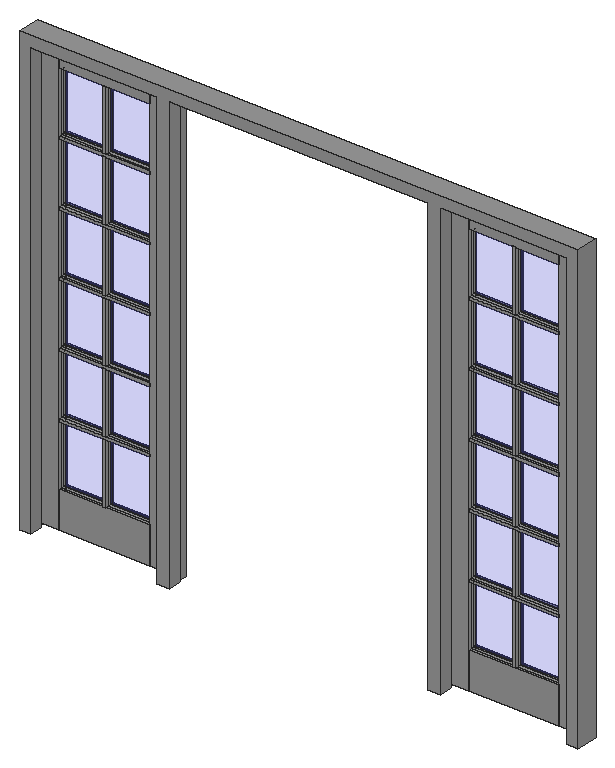
Revit family "VSLF 6 12 6", category Doors, host Wall, Revit 2013 (continued)
Automatic sketch dimensions
  Sweep 37 sketch curve to Sweep 37 sketch curve = 283.333 mm
  Sweep 37 sketch curve to profile plane = 0 mm
  profile plane to Sweep 37 sketch curve = 41.5 mm
  Sweep 37 sketch curve to profile plane = 7 mm
  Sweep 37 sketch curve to Sweep 37 sketch curve = 2 mm  (x2)
  Sweep 37 sketch curve to profile plane = 0.241 mm
  Sweep 37 sketch curve to Sweep 37 sketch curve = 6 mm
  plane 4 "Right" to Sweep 38 sketch curve = 134 mm
  plane 4 "Right" to Sweep 38 sketch curve = 339.5 mm
  plane 5 to Sweep 38 sketch curve = 713.656 mm
  Sweep 38 sketch curve to Sweep 38 sketch curve = 283.333 mm
  Sweep 38 sketch curve to profile plane = 0 mm
  profile plane to Sweep 38 sketch curve = 41.5 mm
  Sweep 38 sketch curve to profile plane = 7 mm
  Sweep 38 sketch curve to Sweep 38 sketch curve = 2 mm  (x2)
  Sweep 38 sketch curve to profile plane = 0.241 mm
  Sweep 38 sketch curve to Sweep 38 sketch curve = 6 mm
  plane 5 to Sweep 39 sketch curve = 133.989 mm
  plane 4 "Right" to Sweep 39 sketch curve = 352.5 mm
  plane 5 to Sweep 39 sketch curve = 417.322 mm
  Sweep 39 sketch curve to Sweep 39 sketch curve = 205.5 mm
  Sweep 39 sketch curve to profile plane = 0 mm
  profile plane to Sweep 39 sketch curve = 41.5 mm
  Sweep 39 sketch curve to profile plane = 7 mm
  Sweep 39 sketch curve to Sweep 39 sketch curve = 2 mm  (x2)
  Sweep 39 sketch curve to profile plane = 0.241 mm
  Sweep 39 sketch curve to Sweep 39 sketch curve = 6 mm
  plane 4 "Right" to Sweep 40 sketch curve = 134 mm
  plane 5 to Sweep 40 sketch curve = 417.322 mm
  Sweep 40 sketch curve to Sweep 40 sketch curve = 205.5 mm
  plane 5 to Sweep 40 sketch curve = 133.989 mm
  Sweep 40 sketch curve to profile plane = 0 mm
  profile plane to Sweep 40 sketch curve = 41.5 mm
  Sweep 40 sketch curve to profile plane = 7 mm
  Sweep 40 sketch curve to Sweep 40 sketch curve = 2 mm  (x2)
  Sweep 40 sketch curve to profile plane = 0.241 mm
  Sweep 40 sketch curve to Sweep 40 sketch curve = 6 mm
  Extrusion 41 sketch curve to host wall = 27.5 mm  (x2)
  level to Extrusion 41 sketch curve = 20 mm
  Extrusion 41 sketch curve to Extrusion 41 sketch curve = 2 mm  (x6)
  Extrusion 41 sketch curve to Extrusion 41 sketch curve = 6 mm  (x2)
  Extrusion 41 sketch curve to host wall = 7.5 mm  (x2)
  Extrusion 41 sketch curve to Extrusion 41 sketch curve = 1.197 mm  (x2)
  Extrusion 41 sketch curve to Extrusion 41 sketch curve = 171 mm
  Extrusion 41 sketch curve to Extrusion 41 sketch curve = 0 mm  (x2)
  Extrusion 41 sketch curve to Extrusion 41 sketch curve = 7 mm  (x2)
  plane 5 to Extrusion 41 sketch curve = 143 mm
  plane 5 to Extrusion 41 sketch curve = 38 mm
  Extrusion 42 sketch curve to host wall = 7.5 mm  (x2)
  Extrusion 42 sketch curve to plane 2 "Center (Left/Right)" = 651 mm
  Extrusion 42 sketch curve to host wall = 27.5 mm  (x2)
  Extrusion 42 sketch curve to Extrusion 42 sketch curve = 96 mm
  Extrusion 42 sketch curve to Extrusion 42 sketch curve = 0 mm  (x2)
  Extrusion 42 sketch curve to Extrusion 42 sketch curve = 7 mm  (x2)
  Extrusion 42 sketch curve to Extrusion 42 sketch curve = 2 mm  (x6)
  Extrusion 42 sketch curve to host wall = 37.5 mm
  Extrusion 42 sketch curve to plane 3 "Left" = 143 mm
  Extrusion 42 sketch curve to plane 3 "Left" = 38 mm
  Extrusion 42 sketch curve to Extrusion 42 sketch curve = 0.241 mm  (x2)
  Extrusion 42 sketch curve to Extrusion 42 sketch curve = 6 mm
  Extrusion 43 sketch curve to host wall = 35.5 mm
  Extrusion 43 sketch curve to plane 3 "Left" = 361.5 mm
  Extrusion 43 sketch curve to host wall = 27.5 mm
  Extrusion 43 sketch curve to Extrusion 43 sketch curve = 2 mm  (x6)
  Extrusion 43 sketch curve to host wall = 7.5 mm
  Extrusion 43 sketch curve to Extrusion 43 sketch curve = 9 mm
  Extrusion 43 sketch curve to Extrusion 43 sketch curve = 0 mm
  Extrusion 43 sketch curve to Extrusion 43 sketch curve = 13 mm  (x2)
  Extrusion 43 sketch curve to Extrusion 43 sketch curve = 7 mm
  Extrusion 43 sketch curve to Extrusion 43 sketch curve = 0.241 mm  (x2)
  Extrusion 43 sketch curve to Extrusion 43 sketch curve = 6 mm
  Extrusion 44 sketch curve to host wall = 27.5 mm
  Extrusion 44 sketch curve to host wall = 35.5 mm
  plane 5 to Extrusion 44 sketch curve = 439.333 mm
  Extrusion 44 sketch curve to Extrusion 44 sketch curve = 2 mm  (x6)
  Extrusion 44 sketch curve to Extrusion 44 sketch curve = 6 mm
  Extrusion 44 sketch curve to host wall = 7.5 mm
  Extrusion 44 sketch curve to Extrusion 44 sketch curve = 1.197 mm  (x2)
  Extrusion 44 sketch curve to Extrusion 44 sketch curve = 9 mm
  Extrusion 44 sketch curve to Extrusion 44 sketch curve = 0 mm
  Extrusion 44 sketch curve to Extrusion 44 sketch curve = 13 mm  (x2)
  Extrusion 44 sketch curve to Extrusion 44 sketch curve = 7 mm
  Extrusion 45 sketch curve to host wall = 35.5 mm
  Extrusion 45 sketch curve to plane 3 "Left" = 361.5 mm
  Extrusion 45 sketch curve to host wall = 27.5 mm
  Extrusion 45 sketch curve to Extrusion 45 sketch curve = 2 mm  (x6)
  Extrusion 45 sketch curve to host wall = 7.5 mm
  Extrusion 45 sketch curve to Extrusion 45 sketch curve = 9 mm
  Extrusion 45 sketch curve to Extrusion 45 sketch curve = 0 mm
  Extrusion 45 sketch curve to Extrusion 45 sketch curve = 13 mm  (x2)
  Extrusion 45 sketch curve to Extrusion 45 sketch curve = 7 mm
  Extrusion 45 sketch curve to Extrusion 45 sketch curve = 0.241 mm  (x2)
  Extrusion 45 sketch curve to Extrusion 45 sketch curve = 6 mm
  Extrusion 46 sketch curve to host wall = 35.5 mm
  Extrusion 46 sketch curve to plane 3 "Left" = 361.5 mm
  Extrusion 46 sketch curve to host wall = 27.5 mm
  Extrusion 46 sketch curve to Extrusion 46 sketch curve = 2 mm  (x6)
  Extrusion 46 sketch curve to host wall = 7.5 mm
  Extrusion 46 sketch curve to Extrusion 46 sketch curve = 9 mm
  Extrusion 46 sketch curve to Extrusion 46 sketch curve = 0 mm
  Extrusion 46 sketch curve to Extrusion 46 sketch curve = 13 mm  (x2)
  Extrusion 46 sketch curve to Extrusion 46 sketch curve = 7 mm
  Extrusion 46 sketch curve to Extrusion 46 sketch curve = 0.241 mm  (x2)
  Extrusion 46 sketch curve to Extrusion 46 sketch curve = 6 mm
  Extrusion 47 sketch curve to host wall = 35.5 mm
  Extrusion 47 sketch curve to plane 3 "Left" = 361.5 mm
  Extrusion 47 sketch curve to host wall = 27.5 mm
  Extrusion 47 sketch curve to Extrusion 47 sketch curve = 2 mm  (x6)
  Extrusion 47 sketch curve to host wall = 7.5 mm
  Extrusion 47 sketch curve to Extrusion 47 sketch curve = 9 mm
  Extrusion 47 sketch curve to Extrusion 47 sketch curve = 0 mm
  Extrusion 47 sketch curve to Extrusion 47 sketch curve = 13 mm  (x2)
  Extrusion 47 sketch curve to Extrusion 47 sketch curve = 7 mm
  Extrusion 47 sketch curve to Extrusion 47 sketch curve = 0.241 mm  (x2)
  Extrusion 47 sketch curve to Extrusion 47 sketch curve = 6 mm
  Extrusion 48 sketch curve to host wall = 35.5 mm
  Extrusion 48 sketch curve to plane 3 "Left" = 361.5 mm
  Extrusion 48 sketch curve to host wall = 27.5 mm
  Extrusion 48 sketch curve to Extrusion 48 sketch curve = 2 mm  (x6)
  Extrusion 48 sketch curve to host wall = 7.5 mm
  Extrusion 48 sketch curve to Extrusion 48 sketch curve = 9 mm
  Extrusion 48 sketch curve to Extrusion 48 sketch curve = 0 mm
  Extrusion 48 sketch curve to Extrusion 48 sketch curve = 13 mm  (x2)
  Extrusion 48 sketch curve to Extrusion 48 sketch curve = 7 mm
  Extrusion 48 sketch curve to Extrusion 48 sketch curve = 0.241 mm  (x2)
  Extrusion 48 sketch curve to Extrusion 48 sketch curve = 6 mm
  Extrusion 49 sketch curve to host wall = 35.5 mm
  Extrusion 49 sketch curve to plane 3 "Left" = 361.5 mm
  Extrusion 49 sketch curve to host wall = 27.5 mm
  Extrusion 49 sketch curve to Extrusion 49 sketch curve = 2 mm  (x6)
  Extrusion 49 sketch curve to host wall = 7.5 mm
  Extrusion 49 sketch curve to Extrusion 49 sketch curve = 9 mm
  Extrusion 49 sketch curve to Extrusion 49 sketch curve = 0 mm
  Extrusion 49 sketch curve to Extrusion 49 sketch curve = 13 mm  (x2)
  Extrusion 49 sketch curve to Extrusion 49 sketch curve = 7 mm
  Extrusion 49 sketch curve to Extrusion 49 sketch curve = 0.241 mm  (x2)
  Extrusion 49 sketch curve to Extrusion 49 sketch curve = 6 mm
  Extrusion 50 sketch curve to plane 3 "Left" = 339.5 mm
  level to Extrusion 50 sketch curve = 191 mm
  Extrusion 50 sketch curve to plane 3 "Left" = 134 mm
  Extrusion 50 sketch curve to Extrusion 50 sketch curve = 283.333 mm
  Extrusion 51 sketch curve to plane 3 "Left" = 558 mm
  level to Extrusion 51 sketch curve = 191 mm
  Extrusion 51 sketch curve to Extrusion 51 sketch curve = 205.5 mm
  Extrusion 51 sketch curve to Extrusion 51 sketch curve = 283.333 mm
  Sweep 52 sketch curve to plane 3 "Left" = 339.5 mm
  level to Sweep 52 sketch curve = 191.011 mm
  Sweep 52 sketch curve to plane 3 "Left" = 134 mm
  Sweep 52 sketch curve to Sweep 52 sketch curve = 283.333 mm
  Sweep 52 sketch curve to profile plane = 0 mm
  profile plane to Sweep 52 sketch curve = 41.5 mm
  Sweep 52 sketch curve to profile plane = 7 mm
  Sweep 52 sketch curve to Sweep 52 sketch curve = 2 mm  (x2)
  Sweep 52 sketch curve to profile plane = 0.241 mm
  Sweep 52 sketch curve to Sweep 52 sketch curve = 6 mm
  Sweep 53 sketch curve to plane 3 "Left" = 558 mm
  level to Sweep 53 sketch curve = 191.011 mm
  Sweep 53 sketch curve to Sweep 53 sketch curve = 205.5 mm
  Sweep 53 sketch curve to Sweep 53 sketch curve = 283.333 mm
  Sweep 53 sketch curve to profile plane = 0 mm
  profile plane to Sweep 53 sketch curve = 41.5 mm
  Sweep 53 sketch curve to profile plane = 7 mm
  Sweep 53 sketch curve to Sweep 53 sketch curve = 2 mm  (x2)
  Sweep 53 sketch curve to profile plane = 0.241 mm
  Sweep 53 sketch curve to Sweep 53 sketch curve = 6 mm
  Extrusion 54 sketch curve to host wall = 27.5 mm
  Extrusion 54 sketch curve to host wall = 35.5 mm
  plane 5 to Extrusion 54 sketch curve = 735.667 mm
  Extrusion 54 sketch curve to Extrusion 54 sketch curve = 2 mm  (x6)
  Extrusion 54 sketch curve to Extrusion 54 sketch curve = 6 mm
  Extrusion 54 sketch curve to host wall = 7.5 mm
  Extrusion 54 sketch curve to Extrusion 54 sketch curve = 1.197 mm  (x2)
  Extrusion 54 sketch curve to Extrusion 54 sketch curve = 9 mm
  Extrusion 54 sketch curve to Extrusion 54 sketch curve = 0 mm
  Extrusion 54 sketch curve to Extrusion 54 sketch curve = 13 mm  (x2)
  Extrusion 54 sketch curve to Extrusion 54 sketch curve = 7 mm
  Extrusion 55 sketch curve to host wall = 27.5 mm
  Extrusion 55 sketch curve to host wall = 35.5 mm
  plane 5 to Extrusion 55 sketch curve = 1032 mm
  Extrusion 55 sketch curve to Extrusion 55 sketch curve = 2 mm  (x6)
  Extrusion 55 sketch curve to Extrusion 55 sketch curve = 6 mm
  Extrusion 55 sketch curve to host wall = 7.5 mm
  Extrusion 55 sketch curve to Extrusion 55 sketch curve = 1.197 mm  (x2)
  Extrusion 55 sketch curve to Extrusion 55 sketch curve = 9 mm
  Extrusion 55 sketch curve to Extrusion 55 sketch curve = 0 mm
  Extrusion 55 sketch curve to Extrusion 55 sketch curve = 13 mm  (x2)
  Extrusion 55 sketch curve to Extrusion 55 sketch curve = 7 mm
  Extrusion 56 sketch curve to host wall = 27.5 mm
  Extrusion 56 sketch curve to host wall = 35.5 mm
  level to Extrusion 56 sketch curve = 761.667 mm
  Extrusion 56 sketch curve to Extrusion 56 sketch curve = 2 mm  (x6)
  Extrusion 56 sketch curve to Extrusion 56 sketch curve = 6 mm
  Extrusion 56 sketch curve to host wall = 7.5 mm
  Extrusion 56 sketch curve to Extrusion 56 sketch curve = 1.197 mm  (x2)
  Extrusion 56 sketch curve to Extrusion 56 sketch curve = 9 mm
  Extrusion 56 sketch curve to Extrusion 56 sketch curve = 0 mm
  Extrusion 56 sketch curve to Extrusion 56 sketch curve = 13 mm  (x2)
  Extrusion 56 sketch curve to Extrusion 56 sketch curve = 7 mm
  Extrusion 57 sketch curve to host wall = 27.5 mm
  Extrusion 57 sketch curve to host wall = 35.5 mm
  level to Extrusion 57 sketch curve = 465.333 mm
  Extrusion 57 sketch curve to Extrusion 57 sketch curve = 2 mm  (x6)
  Extrusion 57 sketch curve to Extrusion 57 sketch curve = 6 mm
  Extrusion 57 sketch curve to host wall = 7.5 mm
  Extrusion 57 sketch curve to Extrusion 57 sketch curve = 1.197 mm  (x2)
  Extrusion 57 sketch curve to Extrusion 57 sketch curve = 9 mm
  Extrusion 57 sketch curve to Extrusion 57 sketch curve = 0 mm
  Extrusion 57 sketch curve to Extrusion 57 sketch curve = 13 mm  (x2)
  Extrusion 57 sketch curve to Extrusion 57 sketch curve = 7 mm
  Extrusion 58 sketch curve to plane 3 "Left" = 339.5 mm
  Extrusion 58 sketch curve to plane 3 "Left" = 134 mm
  level to Extrusion 58 sketch curve = 487.333 mm
  Extrusion 58 sketch curve to Extrusion 58 sketch curve = 283.333 mm
  Extrusion 59 sketch curve to plane 3 "Left" = 558 mm
  level to Extrusion 59 sketch curve = 487.333 mm
  Extrusion 59 sketch curve to Extrusion 59 sketch curve = 205.5 mm
  Extrusion 59 sketch curve to Extrusion 59 sketch curve = 283.333 mm
  Extrusion 60 sketch curve to plane 3 "Left" = 339.5 mm
  Extrusion 60 sketch curve to plane 3 "Left" = 134 mm
  level to Extrusion 60 sketch curve = 783.667 mm
  Extrusion 60 sketch curve to Extrusion 60 sketch curve = 283.333 mm
  Extrusion 61 sketch curve to plane 3 "Left" = 558 mm
  Extrusion 61 sketch curve to plane 3 "Left" = 352.5 mm
  level to Extrusion 61 sketch curve = 783.667 mm
  Extrusion 61 sketch curve to Extrusion 61 sketch curve = 283.333 mm
  Extrusion 62 sketch curve to plane 3 "Left" = 339.5 mm
  Extrusion 62 sketch curve to plane 3 "Left" = 134 mm
  plane 5 to Extrusion 62 sketch curve = 1010 mm
  Extrusion 62 sketch curve to Extrusion 62 sketch curve = 283.333 mm
  Extrusion 63 sketch curve to plane 3 "Left" = 558 mm
  Extrusion 63 sketch curve to plane 3 "Left" = 352.5 mm
  plane 5 to Extrusion 63 sketch curve = 1010 mm
  Extrusion 63 sketch curve to Extrusion 63 sketch curve = 283.333 mm
  Extrusion 64 sketch curve to plane 3 "Left" = 339.5 mm
  Extrusion 64 sketch curve to plane 3 "Left" = 134 mm
  plane 5 to Extrusion 64 sketch curve = 713.667 mm
  Extrusion 64 sketch curve to Extrusion 64 sketch curve = 283.333 mm
  Extrusion 65 sketch curve to plane 3 "Left" = 558 mm
  Extrusion 65 sketch curve to plane 3 "Left" = 352.5 mm
  plane 5 to Extrusion 65 sketch curve = 713.667 mm
  Extrusion 65 sketch curve to Extrusion 65 sketch curve = 283.333 mm
  plane 5 to Extrusion 66 sketch curve = 134 mm
  Extrusion 66 sketch curve to plane 3 "Left" = 339.5 mm
  Extrusion 66 sketch curve to plane 3 "Left" = 134 mm
  plane 5 to Extrusion 66 sketch curve = 417.333 mm
  plane 5 to Extrusion 67 sketch curve = 134 mm
  Extrusion 67 sketch curve to plane 3 "Left" = 558 mm
  plane 5 to Extrusion 67 sketch curve = 417.333 mm
  Extrusion 67 sketch curve to Extrusion 67 sketch curve = 205.5 mm
  Sweep 68 sketch curve to plane 3 "Left" = 339.5 mm
  Sweep 68 sketch curve to plane 3 "Left" = 134 mm
  level to Sweep 68 sketch curve = 487.344 mm
  Sweep 68 sketch curve to Sweep 68 sketch curve = 283.333 mm
  Sweep 68 sketch curve to profile plane = 0 mm
  profile plane to Sweep 68 sketch curve = 41.5 mm
  Sweep 68 sketch curve to profile plane = 7 mm
  Sweep 68 sketch curve to Sweep 68 sketch curve = 2 mm  (x2)
  Sweep 68 sketch curve to profile plane = 0.241 mm
  Sweep 68 sketch curve to Sweep 68 sketch curve = 6 mm
  Sweep 69 sketch curve to plane 3 "Left" = 558 mm
  level to Sweep 69 sketch curve = 487.344 mm
  Sweep 69 sketch curve to Sweep 69 sketch curve = 205.5 mm
  Sweep 69 sketch curve to Sweep 69 sketch curve = 283.333 mm
  Sweep 69 sketch curve to profile plane = 0 mm
  profile plane to Sweep 69 sketch curve = 41.5 mm
  Sweep 69 sketch curve to profile plane = 7 mm
  Sweep 69 sketch curve to Sweep 69 sketch curve = 2 mm  (x2)
  Sweep 69 sketch curve to profile plane = 0.241 mm
  Sweep 69 sketch curve to Sweep 69 sketch curve = 6 mm
  Sweep 70 sketch curve to plane 3 "Left" = 339.5 mm
  Sweep 70 sketch curve to plane 3 "Left" = 134 mm
  level to Sweep 70 sketch curve = 783.678 mm
  Sweep 70 sketch curve to Sweep 70 sketch curve = 283.333 mm
  Sweep 70 sketch curve to profile plane = 0 mm
  profile plane to Sweep 70 sketch curve = 41.5 mm
  Sweep 70 sketch curve to profile plane = 7 mm
  Sweep 70 sketch curve to Sweep 70 sketch curve = 2 mm  (x2)
  Sweep 70 sketch curve to profile plane = 0.241 mm
  Sweep 70 sketch curve to Sweep 70 sketch curve = 6 mm
  Sweep 71 sketch curve to plane 3 "Left" = 558 mm
  Sweep 71 sketch curve to plane 3 "Left" = 352.5 mm
  level to Sweep 71 sketch curve = 783.678 mm
  Sweep 71 sketch curve to Sweep 71 sketch curve = 283.333 mm
  Sweep 71 sketch curve to profile plane = 0 mm
  profile plane to Sweep 71 sketch curve = 41.5 mm
  Sweep 71 sketch curve to profile plane = 7 mm
  Sweep 71 sketch curve to Sweep 71 sketch curve = 2 mm  (x2)
  Sweep 71 sketch curve to profile plane = 0.241 mm
  Sweep 71 sketch curve to Sweep 71 sketch curve = 6 mm
  Sweep 72 sketch curve to plane 3 "Left" = 339.5 mm
  Sweep 72 sketch curve to plane 3 "Left" = 134 mm
  plane 5 to Sweep 72 sketch curve = 1009.989 mm
  Sweep 72 sketch curve to Sweep 72 sketch curve = 283.333 mm
  Sweep 72 sketch curve to profile plane = 0 mm
  profile plane to Sweep 72 sketch curve = 41.5 mm
  Sweep 72 sketch curve to profile plane = 7 mm
  Sweep 72 sketch curve to Sweep 72 sketch curve = 2 mm  (x2)
  Sweep 72 sketch curve to profile plane = 0.241 mm
  Sweep 72 sketch curve to Sweep 72 sketch curve = 6 mm
  Sweep 73 sketch curve to plane 3 "Left" = 558 mm
  Sweep 73 sketch curve to plane 3 "Left" = 352.5 mm
  plane 5 to Sweep 73 sketch curve = 1009.989 mm
  Sweep 73 sketch curve to Sweep 73 sketch curve = 283.333 mm
  Sweep 73 sketch curve to profile plane = 0 mm
  profile plane to Sweep 73 sketch curve = 41.5 mm
  Sweep 73 sketch curve to profile plane = 7 mm
  Sweep 73 sketch curve to Sweep 73 sketch curve = 2 mm  (x2)
  Sweep 73 sketch curve to profile plane = 0.241 mm
  Sweep 73 sketch curve to Sweep 73 sketch curve = 6 mm
  Sweep 74 sketch curve to plane 3 "Left" = 339.5 mm
  Sweep 74 sketch curve to plane 3 "Left" = 134 mm
  plane 5 to Sweep 74 sketch curve = 713.656 mm
  Sweep 74 sketch curve to Sweep 74 sketch curve = 283.333 mm
  Sweep 74 sketch curve to profile plane = 0 mm
  profile plane to Sweep 74 sketch curve = 41.5 mm
  Sweep 74 sketch curve to profile plane = 7 mm
  Sweep 74 sketch curve to Sweep 74 sketch curve = 2 mm  (x2)
  Sweep 74 sketch curve to profile plane = 0.241 mm
  Sweep 74 sketch curve to Sweep 74 sketch curve = 6 mm
  Sweep 75 sketch curve to plane 3 "Left" = 558 mm
  Sweep 75 sketch curve to plane 3 "Left" = 352.5 mm
  plane 5 to Sweep 75 sketch curve = 713.656 mm
  Sweep 75 sketch curve to Sweep 75 sketch curve = 283.333 mm
  Sweep 75 sketch curve to profile plane = 0 mm
  profile plane to Sweep 75 sketch curve = 41.5 mm
  Sweep 75 sketch curve to profile plane = 7 mm
  Sweep 75 sketch curve to Sweep 75 sketch curve = 2 mm  (x2)
  Sweep 75 sketch curve to profile plane = 0.241 mm
  Sweep 75 sketch curve to Sweep 75 sketch curve = 6 mm
  plane 5 to Sweep 76 sketch curve = 133.989 mm
  Sweep 76 sketch curve to plane 3 "Left" = 339.5 mm
  Sweep 76 sketch curve to plane 3 "Left" = 134 mm
  plane 5 to Sweep 76 sketch curve = 417.322 mm
  Sweep 76 sketch curve to profile plane = 0 mm
  profile plane to Sweep 76 sketch curve = 41.5 mm
  Sweep 76 sketch curve to profile plane = 7 mm
  Sweep 76 sketch curve to Sweep 76 sketch curve = 2 mm  (x2)
  Sweep 76 sketch curve to profile plane = 0.241 mm
  Sweep 76 sketch curve to Sweep 76 sketch curve = 6 mm
  plane 5 to Sweep 77 sketch curve = 133.989 mm
  Sweep 77 sketch curve to plane 3 "Left" = 558 mm
  plane 5 to Sweep 77 sketch curve = 417.322 mm
  Sweep 77 sketch curve to Sweep 77 sketch curve = 205.5 mm
  Sweep 77 sketch curve to profile plane = 0 mm
  profile plane to Sweep 77 sketch curve = 41.5 mm
  Sweep 77 sketch curve to profile plane = 7 mm
  Sweep 77 sketch curve to Sweep 77 sketch curve = 2 mm  (x2)
  Sweep 77 sketch curve to profile plane = 0.241 mm
  Sweep 77 sketch curve to Sweep 77 sketch curve = 6 mm
  curve 5 to plane 2 "Center (Left/Right)" = 615 mm
  host wall to curve 5 = 587.5 mm
  plane 2 "Center (Left/Right)" to curve 7 = 615 mm
  curve 6 to plane 2 "Center (Left/Right)" = 5 mm
  plane 2 "Center (Left/Right)" to curve 8 = 5 mm
  host wall to curve 7 = 587.5 mm
  curve 7 to curve 8 = 0 mm
  curve 5 to curve 6 = 0 mm
